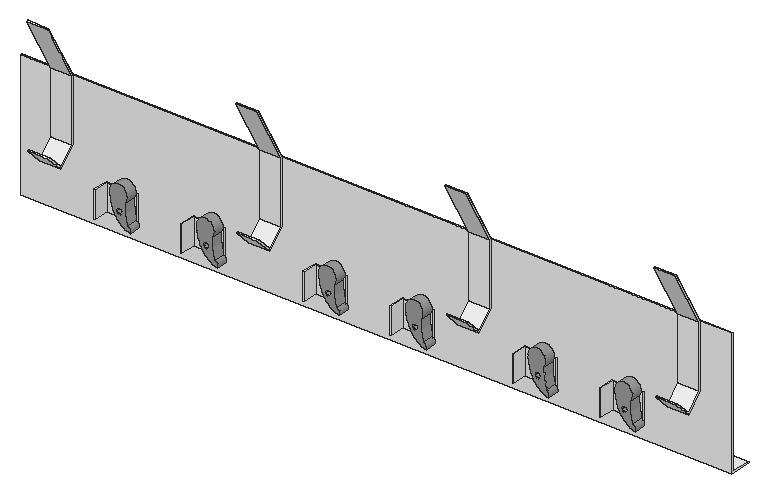
Revit family
Parameters (values of type "Mop_Holder_Reed")
  Subcategory = "Service Equptment"  # constant formula
  SmartBIM Object Version = 3  # constant formula
  SmartBIM Object Created By = "Reed Construction Data"  # constant formula
  Rubber = Rubber
  Material = Metal - Aluminum
  Assembly Code = "D10"
  95 CSI = "15410-400"  # constant formula
  04 CSI = "22 42 00"  # constant formula
Reference planes (in)
  plane 1 "Center (Front/Back)": y = 0
  plane 2: z = 0
  plane 3 "Center (Left/Right)": x = 0
Forms (in)
  Extrusion 1, solid, material "Metal - Aluminum" <- "Material"
    sketch origin (0, 0, 0) x (0, 1, 0) y (0, 0, 1)
      loop
        line (-1, 6) -> (-1, 0) -> (0, 0) -> (0, 0.0625) -> (-0.9375, 0.0625) -> (-0.9375, 6) -> (-1, 6)
    from 0 to 34
  Extrusion 2, solid, material "Metal - Aluminum" <- "Material"
    sketch origin (0, 0, 0) x (0, 1, 0) y (0, 0, 1)
      loop
        line (-1.0625, 5.98384) -> (-1.0625, 3.02589) -> (-1.70711, 2.38128) -> (-2.37002, 3.04419) -> (-2.41421, 3) -> (-1.70711, 2.29289) -> (-1, 3) -> (-1, 6) -> (-2.45443, 8.62386) -> (-2.50909, 8.59356) -> (-1.0625, 5.98384)
    from 1.5 to 2.5
  Extrusion 3, solid, material "Metal - Aluminum" <- "Material"
    sketch origin (10, 0, 0) x (0, 1, 0) y (0, 0, 1)
      loop
        line (-1.0625, 5.98384) -> (-1.0625, 3.02589) -> (-1.70711, 2.38128) -> (-2.37002, 3.04419) -> (-2.41421, 3) -> (-1.70711, 2.29289) -> (-1, 3) -> (-1, 6) -> (-2.45443, 8.62386) -> (-2.50909, 8.59356) -> (-1.0625, 5.98384)
    from 1.5 to 2.5
  Extrusion 4, solid, material "Metal - Aluminum" <- "Material"
    sketch origin (20, 0, 0) x (0, 1, 0) y (0, 0, 1)
      loop
        line (-1.0625, 5.98384) -> (-1.0625, 3.02589) -> (-1.70711, 2.38128) -> (-2.37002, 3.04419) -> (-2.41421, 3) -> (-1.70711, 2.29289) -> (-1, 3) -> (-1, 6) -> (-2.45443, 8.62386) -> (-2.50909, 8.59356) -> (-1.0625, 5.98384)
    from 1.5 to 2.5
  Extrusion 5, solid, material "Metal - Aluminum" <- "Material"
    sketch origin (30, 0, 0) x (0, 1, 0) y (0, 0, 1)
      loop
        line (-1.0625, 5.98384) -> (-1.0625, 3.02589) -> (-1.70711, 2.38128) -> (-2.37002, 3.04419) -> (-2.41421, 3) -> (-1.70711, 2.29289) -> (-1, 3) -> (-1, 6) -> (-2.45443, 8.62386) -> (-2.50909, 8.59356) -> (-1.0625, 5.98384)
    from 1.5 to 2.5
  Extrusion 6, solid, material "Metal - Aluminum" <- "Material"
    sketch origin (-2.875, 0, 0) x (1, 0, 0) y (0, 1, 0)
      loop
        line (7.0625, -1.0625) -> (8.5, -1.0625) -> (8.5, -1) -> (7, -1) -> (7, -1.75) -> (7.0625, -1.75) -> (7.0625, -1.0625)
    from 0.75 to 2
  Extrusion 7, solid, material "Metal - Aluminum" <- "Material"
    sketch origin (11.28125, 0, 0) x (1, 0, 0) y (0, 1, 0)
      loop
        line (7.0625, -1.0625) -> (8.5, -1.0625) -> (8.5, -1) -> (7, -1) -> (7, -1.75) -> (7.0625, -1.75) -> (7.0625, -1.0625)
    from 0.75 to 2
  Extrusion 8, solid, material "Metal - Aluminum" <- "Material"
    sketch origin (21.29199, 0, 0) x (1, 0, 0) y (0, 1, 0)
      loop
        line (7.0625, -1.0625) -> (8.5, -1.0625) -> (8.5, -1) -> (7, -1) -> (7, -1.75) -> (7.0625, -1.75) -> (7.0625, -1.0625)
    from 0.75 to 2
  Extrusion 9, solid, material "Rubber"
    sketch origin (-2.875, -1.0625, 0) x (1, 0, 0) y (0, 0, 1)
      loop
        arc (7.60487, 2.11197) -> (7.61585, 2.06094) -> (7.6099, 2.00908) r 0.16072
        arc (7.6099, 2.00908) -> (7.60385, 1.95098) -> (7.61793, 1.8943) r 0.16907
        arc (7.61793, 1.8943) -> (7.63331, 1.84442) -> (7.6319, 1.79224) r 0.16072
        arc (7.6319, 1.79224) -> (7.63093, 1.73384) -> (7.6499, 1.67859) r 0.16907
        arc (7.6499, 1.67859) -> (7.67125, 1.63096) -> (7.67621, 1.579) r 0.16072
        arc (7.67621, 1.579) -> (7.68237, 1.52091) -> (7.70792, 1.46839) r 0.16907
        arc (7.70792, 1.46839) -> (7.73334, 1.4228) -> (7.74281, 1.37147) r 0.16072
        arc (7.74281, 1.37147) -> (7.75401, 1.31414) -> (7.78405, 1.26405) r 0.16907
        arc (7.78405, 1.26405) -> (7.817, 1.22356) -> (7.83524, 1.17465) r 0.16072
        arc (7.83524, 1.17465) -> (7.85622, 1.12014) -> (7.8945, 1.07603) r 0.16907
        arc (7.8945, 1.07603) -> (7.93398, 1.04188) -> (7.96043, 0.99688) r 0.16072
        arc (7.96043, 0.99688) -> (7.99056, 0.94684) -> (8.03592, 0.91004) r 0.16907
        arc (8.03592, 0.91004) -> (8.08026, 0.88249) -> (8.11342, 0.84219) r 0.16072
        arc (8.11342, 0.84219) -> (8.15101, 0.79748) -> (8.20157, 0.76822) r 0.16907
        arc (8.20157, 0.76822) -> (8.24931, 0.74711) -> (8.28776, 0.71181) r 0.16072
        arc (8.28776, 0.71181) -> (8.33349, 0.67137) -> (8.39061, 0.6498) r 0.16907
        arc (8.39061, 0.6498) -> (8.44243, 0.64356) -> (8.48953, 0.62105) r 0.16072
        arc (8.48953, 0.62105) -> (8.54032, 0.59701) -> (8.5962, 0.59095) r 0.16907
        arc (8.5962, 0.59095) -> (8.58624, 0.75973) -> (8.48124, 0.89224) r 0.28099
        arc (8.48124, 0.89224) -> (8.37943, 1.34832) -> (8.35693, 1.81508) r 2.72873
        arc (8.35693, 1.81508) -> (8.17746, 2.46143) -> (7.60487, 2.11197) r 0.42031
      loop
        circle (8.07997, 1.35679) r 0.125
    from 0 to 0.5
  Extrusion 10, solid, material "Rubber"
    sketch origin (11.27051, -1.0625, 0) x (1, 0, 0) y (0, 0, 1)
      loop
        arc (7.60487, 2.11197) -> (7.61585, 2.06094) -> (7.6099, 2.00908) r 0.16072
        arc (7.6099, 2.00908) -> (7.60385, 1.95098) -> (7.61793, 1.8943) r 0.16907
        arc (7.61793, 1.8943) -> (7.63331, 1.84442) -> (7.6319, 1.79224) r 0.16072
        arc (7.6319, 1.79224) -> (7.63093, 1.73384) -> (7.6499, 1.67859) r 0.16907
        arc (7.6499, 1.67859) -> (7.67125, 1.63096) -> (7.67621, 1.579) r 0.16072
        arc (7.67621, 1.579) -> (7.68237, 1.52091) -> (7.70792, 1.46839) r 0.16907
        arc (7.70792, 1.46839) -> (7.73334, 1.4228) -> (7.74281, 1.37147) r 0.16072
        arc (7.74281, 1.37147) -> (7.75401, 1.31414) -> (7.78405, 1.26405) r 0.16907
        arc (7.78405, 1.26405) -> (7.817, 1.22356) -> (7.83524, 1.17465) r 0.16072
        arc (7.83524, 1.17465) -> (7.85622, 1.12014) -> (7.8945, 1.07603) r 0.16907
        arc (7.8945, 1.07603) -> (7.93398, 1.04188) -> (7.96043, 0.99688) r 0.16072
        arc (7.96043, 0.99688) -> (7.99056, 0.94684) -> (8.03592, 0.91004) r 0.16907
        arc (8.03592, 0.91004) -> (8.08026, 0.88249) -> (8.11342, 0.84219) r 0.16072
        arc (8.11342, 0.84219) -> (8.15101, 0.79748) -> (8.20157, 0.76822) r 0.16907
        arc (8.20157, 0.76822) -> (8.24931, 0.74711) -> (8.28776, 0.71181) r 0.16072
        arc (8.28776, 0.71181) -> (8.33349, 0.67137) -> (8.39061, 0.6498) r 0.16907
        arc (8.39061, 0.6498) -> (8.44243, 0.64356) -> (8.48953, 0.62105) r 0.16072
        arc (8.48953, 0.62105) -> (8.54032, 0.59701) -> (8.5962, 0.59095) r 0.16907
        arc (8.5962, 0.59095) -> (8.58624, 0.75973) -> (8.48124, 0.89224) r 0.28099
        arc (8.48124, 0.89224) -> (8.37943, 1.34832) -> (8.35693, 1.81508) r 2.72873
        arc (8.35693, 1.81508) -> (8.17746, 2.46143) -> (7.60487, 2.11197) r 0.42031
      loop
        circle (8.07997, 1.35679) r 0.125
    from 0 to 0.5
  Extrusion 11, solid, material "Rubber"
    sketch origin (21.27051, -1.0625, 0) x (1, 0, 0) y (0, 0, 1)
      loop
        arc (7.60487, 2.11197) -> (7.61585, 2.06094) -> (7.6099, 2.00908) r 0.16072
        arc (7.6099, 2.00908) -> (7.60385, 1.95098) -> (7.61793, 1.8943) r 0.16907
        arc (7.61793, 1.8943) -> (7.63331, 1.84442) -> (7.6319, 1.79224) r 0.16072
        arc (7.6319, 1.79224) -> (7.63093, 1.73384) -> (7.6499, 1.67859) r 0.16907
        arc (7.6499, 1.67859) -> (7.67125, 1.63096) -> (7.67621, 1.579) r 0.16072
        arc (7.67621, 1.579) -> (7.68237, 1.52091) -> (7.70792, 1.46839) r 0.16907
        arc (7.70792, 1.46839) -> (7.73334, 1.4228) -> (7.74281, 1.37147) r 0.16072
        arc (7.74281, 1.37147) -> (7.75401, 1.31414) -> (7.78405, 1.26405) r 0.16907
        arc (7.78405, 1.26405) -> (7.817, 1.22356) -> (7.83524, 1.17465) r 0.16072
        arc (7.83524, 1.17465) -> (7.85622, 1.12014) -> (7.8945, 1.07603) r 0.16907
        arc (7.8945, 1.07603) -> (7.93398, 1.04188) -> (7.96043, 0.99688) r 0.16072
        arc (7.96043, 0.99688) -> (7.99056, 0.94684) -> (8.03592, 0.91004) r 0.16907
        arc (8.03592, 0.91004) -> (8.08026, 0.88249) -> (8.11342, 0.84219) r 0.16072
        arc (8.11342, 0.84219) -> (8.15101, 0.79748) -> (8.20157, 0.76822) r 0.16907
        arc (8.20157, 0.76822) -> (8.24931, 0.74711) -> (8.28776, 0.71181) r 0.16072
        arc (8.28776, 0.71181) -> (8.33349, 0.67137) -> (8.39061, 0.6498) r 0.16907
        arc (8.39061, 0.6498) -> (8.44243, 0.64356) -> (8.48953, 0.62105) r 0.16072
        arc (8.48953, 0.62105) -> (8.54032, 0.59701) -> (8.5962, 0.59095) r 0.16907
        arc (8.5962, 0.59095) -> (8.58624, 0.75973) -> (8.48124, 0.89224) r 0.28099
        arc (8.48124, 0.89224) -> (8.37943, 1.34832) -> (8.35693, 1.81508) r 2.72873
        arc (8.35693, 1.81508) -> (8.17746, 2.46143) -> (7.60487, 2.11197) r 0.42031
      loop
        circle (8.07997, 1.35679) r 0.125
    from 0 to 0.5
  Extrusion 12, solid, material "Metal - Aluminum" <- "Material"
    sketch origin (7.125, 0, 0) x (1, 0, 0) y (0, 1, 0)
      loop
        line (7.0625, -1.0625) -> (8.5, -1.0625) -> (8.5, -1) -> (7, -1) -> (7, -1.75) -> (7.0625, -1.75) -> (7.0625, -1.0625)
    from 0.75 to 2
  Extrusion 13, solid, material "Rubber"
    sketch origin (7.11426, -1.0625, 0) x (1, 0, 0) y (0, 0, 1)
      loop
        arc (7.60487, 2.11197) -> (7.61585, 2.06094) -> (7.6099, 2.00908) r 0.16072
        arc (7.6099, 2.00908) -> (7.60385, 1.95098) -> (7.61793, 1.8943) r 0.16907
        arc (7.61793, 1.8943) -> (7.63331, 1.84442) -> (7.6319, 1.79224) r 0.16072
        arc (7.6319, 1.79224) -> (7.63093, 1.73384) -> (7.6499, 1.67859) r 0.16907
        arc (7.6499, 1.67859) -> (7.67125, 1.63096) -> (7.67621, 1.579) r 0.16072
        arc (7.67621, 1.579) -> (7.68237, 1.52091) -> (7.70792, 1.46839) r 0.16907
        arc (7.70792, 1.46839) -> (7.73334, 1.4228) -> (7.74281, 1.37147) r 0.16072
        arc (7.74281, 1.37147) -> (7.75401, 1.31414) -> (7.78405, 1.26405) r 0.16907
        arc (7.78405, 1.26405) -> (7.817, 1.22356) -> (7.83524, 1.17465) r 0.16072
        arc (7.83524, 1.17465) -> (7.85622, 1.12014) -> (7.8945, 1.07603) r 0.16907
        arc (7.8945, 1.07603) -> (7.93398, 1.04188) -> (7.96043, 0.99688) r 0.16072
        arc (7.96043, 0.99688) -> (7.99056, 0.94684) -> (8.03592, 0.91004) r 0.16907
        arc (8.03592, 0.91004) -> (8.08026, 0.88249) -> (8.11342, 0.84219) r 0.16072
        arc (8.11342, 0.84219) -> (8.15101, 0.79748) -> (8.20157, 0.76822) r 0.16907
        arc (8.20157, 0.76822) -> (8.24931, 0.74711) -> (8.28776, 0.71181) r 0.16072
        arc (8.28776, 0.71181) -> (8.33349, 0.67137) -> (8.39061, 0.6498) r 0.16907
        arc (8.39061, 0.6498) -> (8.44243, 0.64356) -> (8.48953, 0.62105) r 0.16072
        arc (8.48953, 0.62105) -> (8.54032, 0.59701) -> (8.5962, 0.59095) r 0.16907
        arc (8.5962, 0.59095) -> (8.58624, 0.75973) -> (8.48124, 0.89224) r 0.28099
        arc (8.48124, 0.89224) -> (8.37943, 1.34832) -> (8.35693, 1.81508) r 2.72873
        arc (8.35693, 1.81508) -> (8.17746, 2.46143) -> (7.60487, 2.11197) r 0.42031
      loop
        circle (8.07997, 1.35679) r 0.125
    from 0 to 0.5
  Extrusion 14, solid, material "Metal - Aluminum" <- "Material"
    sketch origin (1.28125, 0, 0) x (1, 0, 0) y (0, 1, 0)
      loop
        line (7.0625, -1.0625) -> (8.5, -1.0625) -> (8.5, -1) -> (7, -1) -> (7, -1.75) -> (7.0625, -1.75) -> (7.0625, -1.0625)
    from 0.75 to 2
  Extrusion 15, solid, material "Rubber"
    sketch origin (1.28125, -1.0625, 0) x (1, 0, 0) y (0, 0, 1)
      loop
        arc (7.60487, 2.11197) -> (7.61585, 2.06094) -> (7.6099, 2.00908) r 0.16072
        arc (7.6099, 2.00908) -> (7.60385, 1.95098) -> (7.61793, 1.8943) r 0.16907
        arc (7.61793, 1.8943) -> (7.63331, 1.84442) -> (7.6319, 1.79224) r 0.16072
        arc (7.6319, 1.79224) -> (7.63093, 1.73384) -> (7.6499, 1.67859) r 0.16907
        arc (7.6499, 1.67859) -> (7.67125, 1.63096) -> (7.67621, 1.579) r 0.16072
        arc (7.67621, 1.579) -> (7.68237, 1.52091) -> (7.70792, 1.46839) r 0.16907
        arc (7.70792, 1.46839) -> (7.73334, 1.4228) -> (7.74281, 1.37147) r 0.16072
        arc (7.74281, 1.37147) -> (7.75401, 1.31414) -> (7.78405, 1.26405) r 0.16907
        arc (7.78405, 1.26405) -> (7.817, 1.22356) -> (7.83524, 1.17465) r 0.16072
        arc (7.83524, 1.17465) -> (7.85622, 1.12014) -> (7.8945, 1.07603) r 0.16907
        arc (7.8945, 1.07603) -> (7.93398, 1.04188) -> (7.96043, 0.99688) r 0.16072
        arc (7.96043, 0.99688) -> (7.99056, 0.94684) -> (8.03592, 0.91004) r 0.16907
        arc (8.03592, 0.91004) -> (8.08026, 0.88249) -> (8.11342, 0.84219) r 0.16072
        arc (8.11342, 0.84219) -> (8.15101, 0.79748) -> (8.20157, 0.76822) r 0.16907
        arc (8.20157, 0.76822) -> (8.24931, 0.74711) -> (8.28776, 0.71181) r 0.16072
        arc (8.28776, 0.71181) -> (8.33349, 0.67137) -> (8.39061, 0.6498) r 0.16907
        arc (8.39061, 0.6498) -> (8.44243, 0.64356) -> (8.48953, 0.62105) r 0.16072
        arc (8.48953, 0.62105) -> (8.54032, 0.59701) -> (8.5962, 0.59095) r 0.16907
        arc (8.5962, 0.59095) -> (8.58624, 0.75973) -> (8.48124, 0.89224) r 0.28099
        arc (8.48124, 0.89224) -> (8.37943, 1.34832) -> (8.35693, 1.81508) r 2.72873
        arc (8.35693, 1.81508) -> (8.17746, 2.46143) -> (7.60487, 2.11197) r 0.42031
      loop
        circle (8.07997, 1.35679) r 0.125
    from 0 to 0.5
  Extrusion 16, solid, material "Metal - Aluminum" <- "Material"
    sketch origin (17.125, 0, 0) x (1, 0, 0) y (0, 1, 0)
      loop
        line (7.0625, -1.0625) -> (8.5, -1.0625) -> (8.5, -1) -> (7, -1) -> (7, -1.75) -> (7.0625, -1.75) -> (7.0625, -1.0625)
    from 0.75 to 2
  Extrusion 17, solid, material "Rubber"
    sketch origin (17.125, -1.0625, 0) x (1, 0, 0) y (0, 0, 1)
      loop
        arc (7.60487, 2.11197) -> (7.61585, 2.06094) -> (7.6099, 2.00908) r 0.16072
        arc (7.6099, 2.00908) -> (7.60385, 1.95098) -> (7.61793, 1.8943) r 0.16907
        arc (7.61793, 1.8943) -> (7.63331, 1.84442) -> (7.6319, 1.79224) r 0.16072
        arc (7.6319, 1.79224) -> (7.63093, 1.73384) -> (7.6499, 1.67859) r 0.16907
        arc (7.6499, 1.67859) -> (7.67125, 1.63096) -> (7.67621, 1.579) r 0.16072
        arc (7.67621, 1.579) -> (7.68237, 1.52091) -> (7.70792, 1.46839) r 0.16907
        arc (7.70792, 1.46839) -> (7.73334, 1.4228) -> (7.74281, 1.37147) r 0.16072
        arc (7.74281, 1.37147) -> (7.75401, 1.31414) -> (7.78405, 1.26405) r 0.16907
        arc (7.78405, 1.26405) -> (7.817, 1.22356) -> (7.83524, 1.17465) r 0.16072
        arc (7.83524, 1.17465) -> (7.85622, 1.12014) -> (7.8945, 1.07603) r 0.16907
        arc (7.8945, 1.07603) -> (7.93398, 1.04188) -> (7.96043, 0.99688) r 0.16072
        arc (7.96043, 0.99688) -> (7.99056, 0.94684) -> (8.03592, 0.91004) r 0.16907
        arc (8.03592, 0.91004) -> (8.08026, 0.88249) -> (8.11342, 0.84219) r 0.16072
        arc (8.11342, 0.84219) -> (8.15101, 0.79748) -> (8.20157, 0.76822) r 0.16907
        arc (8.20157, 0.76822) -> (8.24931, 0.74711) -> (8.28776, 0.71181) r 0.16072
        arc (8.28776, 0.71181) -> (8.33349, 0.67137) -> (8.39061, 0.6498) r 0.16907
        arc (8.39061, 0.6498) -> (8.44243, 0.64356) -> (8.48953, 0.62105) r 0.16072
        arc (8.48953, 0.62105) -> (8.54032, 0.59701) -> (8.5962, 0.59095) r 0.16907
        arc (8.5962, 0.59095) -> (8.58624, 0.75973) -> (8.48124, 0.89224) r 0.28099
        arc (8.48124, 0.89224) -> (8.37943, 1.34832) -> (8.35693, 1.81508) r 2.72873
        arc (8.35693, 1.81508) -> (8.17746, 2.46143) -> (7.60487, 2.11197) r 0.42031
      loop
        circle (8.07997, 1.35679) r 0.125
    from 0 to 0.5
Cuts and joins
  joined: Extrusion 1, Extrusion 2, Extrusion 3, Extrusion 4, Extrusion 5, Extrusion 6, Extrusion 7, Extrusion 8
Dimensions and locks (in)
  aligned and locked: Extrusion 1 to plane 3 "Center (Left/Right)"
